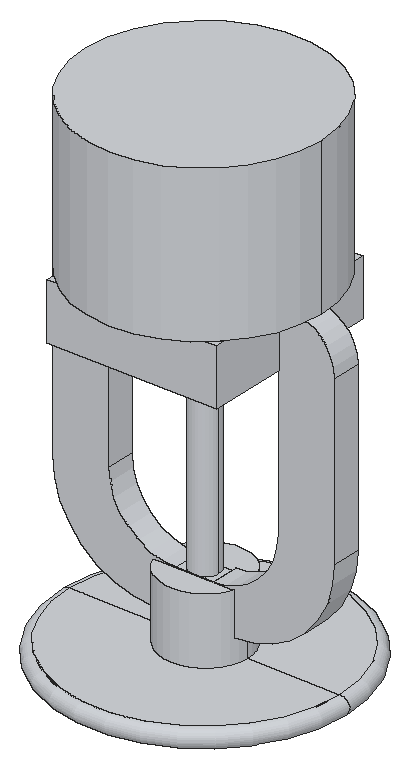
Revit family
Parameters (values of type "RASCO F1FR-300 PENDENT")
  Temperature Rating = 200 °F
  Response = 1
  RASCO SIN # = "R5612"
  RASCO Part # = "F1FRP2LC3"
  Pressure Rating = "300 PSI"
  Pressure Class = 1
  Orifice Size = 17/32"
  Orifice = (empty or 0)
  Model = "F1FR-300"
  Manufacturer = "RASCO"
  K-Factor = 8
  Description = "Chrome Finish"
  Coverage = (empty or 0)
Reference planes (in)
  plane 1 "Center (Front/Back)": y = 0
  plane 2: z = 0
  plane 3 "Center (Left/Right)": x = 0
Dimensions and locks (in)
  aligned and locked: plane 2 to level
Nested families (in)
  nested 1: "F1FRP2LC3" at (-0.01148, 0, 2.4375) x (-1, 0, 0) z (0, 0, -1), type "RASCO F1FR-300 PENDENT"
Connectors (in)
  piping at (-0.01148, 0, 2.4375)
    settings: on nested 1, index 1, connector radius 1/2", flow factor 0, pipe flow 0 GPM, pressure drop 0.00 psi, fitting loss kfactor 0, connector angle 0.00°, fixture units 0, flow configuration 0, flow direction 0, fitting loss method 0, system type 7, connector reference index -1, connector utility 0, adjustable connector no, is connector primary yes, fitting loss table "", connector description ""
Definition of nested family "F1FRP2LC3"
  Parameters (values of type "RASCO F1FR-300 PENDENT")
    Type Comments = ""
    Temperature Rating = 0 °F
    Response = (empty or 0)
    Pressure Rating = "0"
    Pressure Class = (empty or 0)
    Orifice Size = 0"
    Orifice = (empty or 0)
    Model = ""
    Manufacturer = ""
    K-Factor = 0
    Description = ""
    Coverage = (empty or 0)
    Assembly Code = ""
  Reference planes (in)
    plane 1 "Center (Front/Back)": y = 0
    plane 2: z = 0
    plane 3 "ref.2": z = 0.6875
    plane 4 "ref.3": z = 0.9375
    plane 5: x = -0.38065
    plane 6: x = 0.36935
    plane 7 "ref. side 1": y = 0.06402
    plane 8 "ref. side 2": y = -0.06098
    plane 9 "ref.4": z = 1.875
    plane 10 "ref.5": z = 2.3125
    plane 11 "ref.6": z = 2.4375
  Forms (in)
    Extrusion 1, solid
      sketch origin (0, 0, 0) x (1, 0, 0) y (0, 1, 0)
        loop
          circle (0, 0) r 0.5221
      from 0 to 0.6875
    Extrusion 2, solid
      sketch origin (-0.12185, 0.05177, 0.6875) x (1, 0, 0) y (0, 1, 0)
        loop
          line (-0.2588, 0.356) -> (-0.2588, -0.4565) -> (0.4912, -0.4565) -> (0.4912, 0.356) -> (-0.2588, 0.356)
      from 0 to 0.25
    Extrusion 3, solid
      sketch origin (0, 0, 0) x (1, 0, 0) y (0, 0, 1)
        loop
          line (-0.38065, 0.69674) -> (-0.38065, 1.58397)
          arc (-0.38065, 1.58397) -> (-0.29541, 1.78976) -> (-0.08962, 1.875) r 0.29103
          line (-0.08962, 1.875) -> (0.07524, 1.875)
          arc (0.07524, 1.875) -> (0.28321, 1.78886) -> (0.36935, 1.58089) r 0.29411
          line (0.36935, 1.58089) -> (0.36935, 0.69728)
          arc (0.36935, 0.69728) -> (0.54046, 0.72329) -> (0.61935, 0.87734) r 0.18984
          line (0.61935, 0.87734) -> (0.61935, 1.61676)
          arc (0.61935, 1.61676) -> (0.48879, 1.93194) -> (0.17361, 2.0625) r 0.44574
          line (0.17361, 2.0625) -> (-0.18509, 2.0625)
          arc (-0.18509, 2.0625) -> (-0.50015, 1.932) -> (-0.63065, 1.61694) r 0.44556
          line (-0.63065, 1.61694) -> (-0.63065, 0.87876)
          arc (-0.63065, 0.87876) -> (-0.55196, 0.72414) -> (-0.38065, 0.69674) r 0.19126
      from -0.06402 to 0.06098
    Extrusion 4, solid
      sketch origin (0, 0, 0.9375) x (-1, 0, 0) y (0, -1, 0)
        loop
          circle (0.00574, -0.00152) r 0.0625
      from 0 to 0.9375
    Extrusion 5, solid
      sketch origin (0, 0, 1.875) x (-1, 0, 0) y (0, -1, 0)
        loop
          circle (0.00574, -0.00152) r 0.1875
      from 0 to 0.4375
    Revolve 6, solid
      sketch origin (0, 0, -0.2777) x (1, 0, 0) y (0, 0, 1)
        loop
          line (-0.19324, 2.44486) -> (-0.19324, 2.52696) -> (-0.60469, 2.52696)
          arc (-0.60469, 2.52696) -> (-0.64574, 2.48591) -> (-0.60469, 2.44486) r 0.04105
          line (-0.60469, 2.44486) -> (-0.19324, 2.44486)
        axis (-0.00574, 2.44486) -> (-0.00574, 2.52696)
      angle from 0 to 360
  Cuts and joins
    joined: Extrusion 1, Extrusion 2, Extrusion 4, Revolve 6
  Lines and regions (in)
    model lines
      curve 1: line (-0.00574, 0.06402, 1.875) -> (-0.00574, -0.06098, 1.875)
  Dimensions and locks (in)
    Extrusion 3 to Extrusion 3 = 0' - 1 1/4"
    Extrusion 5 to cut or joined group of Extrusion 1, Extrusion 2, Extrusion 4, Revolve 6 = 0' - 2 5/16"
